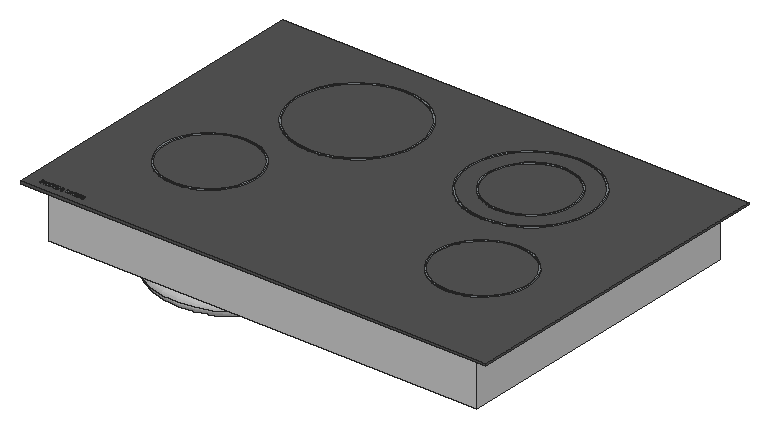
Revit family "FP_Revit_18_CE304DTB1_Cooktop_90000824A", category Specialty Equipment, Revit 2018
Family settings
  Round Connector Dimension = Use Diameter
  Part Type = Normal
  OmniClass Number = 23.40.40.14.17.11
  OmniClass Title = Cookers, Ovens, Stoves
  Work Plane-Based = No
  Always vertical = Yes
  Cut with Voids When Loaded = Yes
  Shared = No
  Room Calculation Point = No
Parameters
  Visibility - Clearance Required = yes
  URL = "www.fisherpaykel.com"
  Product - Width = 750 mm  # constant formula
  Product - Height = 115 mm  # constant formula
  Product - Depth = 530 mm  # constant formula
  Model = "CE304DTB1"
  Material - Graphics = Fisher & Paykel - Graphics Grey
  Material - Cooktop = Fisher & Paykel - Glass, Black
  Material - Body = Fisher & Paykel - Grey
  Manufacturer = "Fisher & Paykel Appliances"
  FFL Offset [instance] = 915 mm
  Description = "30\" Electric Cooktop"
  Connector Note - Electrical = "208 or 240 V, 60 Hz, 23 A or 26 A"
  Clearance - Side Combustible = 55 mm  # constant formula
  Clearance - Rear Combustible = 55 mm  # constant formula
  Clearance - Overhead Rangehood = 650 mm  # constant formula
  Clearance - Overhead Non-Combustible = 610 mm  # constant formula
  Clearance - Overhead Combustible = 762 mm  # constant formula
  Clearance - Below = 115 mm  # constant formula
  Chassis - Width = 689 mm  # constant formula
  Chassis - Height = 79.5 mm  # constant formula
  Chassis - Depth = 490 mm  # constant formula
  Cavity - Width = 700 mm  # constant formula
  Cavity - Height = 110 mm  # constant formula
  Cavity - Depth = 495 mm  # constant formula
Reference planes
  plane 1 "Datum": y = 0
  plane 2: z = 0
  plane 3 "Center (Left/Right)": x = 0
  plane 4 "Product LHS": x = -375
  plane 5 "Product RHS": x = 375
  plane 6 "Product - Depth": y = 530
  plane 7 "Cavity LHS": x = -350
  plane 8 "Cavity RHS": x = 350
  plane 9 "Chassis - Front": y = 20
  plane 10 "Cavity - Front": y = 17.5
  plane 11 "Cavity - Depth": y = 512.5
  plane 12 "Chassis - Depth": y = 510
  plane 13 "Glass": z = 920
  plane 14 "Basepan": z = 835.5
  plane 15 "Countertop": z = 915
Forms (mm)
  Extrusion 1, solid, material "Fisher & Paykel - Glass, Black" <- "Material - Cooktop"
    sketch origin (0, 0, 0) x (0, 1, 0) y (0, 0, 1)
      loop
        line (0, 920) -> (0, 916) -> (530, 916) -> (530, 920) -> (0, 920)
    from -375 to 375
  Extrusion 2, solid, material "Fisher & Paykel - Clearance Required (Cutout)", visible <- "Visibility - Clearance Required", detail levels coarse
    sketch origin (0, 0, 0) x (1, 0, 0) y (0, 1, 0)
      loop
        line (-350, 512.5) -> (-350, 17.5) -> (350, 17.5) -> (350, 512.5) -> (-350, 512.5)
    from 805 to 915
  Extrusion 3, solid, material "Fisher & Paykel - Clearance Required (Combustible)", visible <- "Visibility - Clearance Required", detail levels coarse
    sketch origin (0, 0, 0) x (1, 0, 0) y (0, 1, 0)
      loop
        line (375, 0) -> (405, 0) -> (405, 538.387) -> (-405, 538.387) -> (-405, 0) -> (-375, 0) -> (-375, 530) -> (375, 530) -> (375, 0)
    from 920 to 1375
  Extrusion 4, solid, material "Fisher & Paykel - Clearance Required (Non-Combustible)", visible <- "Visibility - Clearance Required", detail levels coarse
    sketch origin (0, 0, 0) x (1, 0, 0) y (0, 1, 0)
      loop
        line (-375, 0) -> (375, 0) -> (375, 530) -> (-375, 530) -> (-375, 0)
    from 920 to 1530
  Extrusion 5, solid, material "Fisher & Paykel - Clearance Required (Rangehood)", visible <- "Visibility - Clearance Required", detail levels coarse
    sketch origin (0, 0, 0) x (1, 0, 0) y (0, 1, 0)
      loop
        line (-375, 530) -> (-375, 0) -> (375, 0) -> (375, 530) -> (-375, 530)
    from 1530 to 1682
  Extrusion 6, solid, material "Fisher & Paykel - Grey" <- "Material - Body"
    sketch origin (0, 0, 0) x (0, 1, 0) y (0, 0, 1)
      loop
        line (20, 835.5) -> (510, 835.5) -> (510, 915) -> (20, 915) -> (20, 835.5)
    from -344.5 to 344.5
  Extrusion 7, solid, material "Fisher & Paykel - Grey" <- "Material - Body"
    sketch origin (0, 0, 0) x (1, 0, 0) y (0, 1, 0)
      loop
        line (-365.5, 524.5) -> (-365.5, 5.5) -> (365.5, 5.5) -> (365.5, 524.5) -> (-365.5, 524.5)
    from 915 to 916
  Extrusion 8, solid, material "Fisher & Paykel - Graphics Grey" <- "Material - Graphics", detail levels fine
    sketch origin (0, 0, 0) x (1, 0, 0) y (0, 1, 0)
      loop
        circle (-220, 188.052) r 71.497
      loop
        circle (-220, 188.052) r 73.279
      loop
        circle (-139.915, 385.033) r 96.508
      loop
        circle (-139.915, 385.033) r 98.272
      loop
        circle (139.869, 385.088) r 98.254
      loop
        circle (139.869, 385.088) r 96.496
      loop
        circle (139.869, 385.088) r 66.699
      loop
        circle (139.869, 385.088) r 68.176
      loop
        circle (219.908, 188.048) r 71.501
      loop
        circle (219.908, 188.048) r 73.194
    from 920 to 921
  Extrusion 9, solid, material "Fisher & Paykel - Clearance Required", detail levels coarse
    sketch origin (0, 0, 0) x (1, 0, 0) y (0, 1, 0)
      loop
        line (-350, 17.5) -> (350, 17.5) -> (350, 512.5) -> (-350, 512.5) -> (-350, 17.5)
    from 800 to 805
  Extrusion 10, void
    sketch origin (0, 0, 0) x (1, 0, 0) y (0, 1, 0)
      loop
        line (-350, 512.5) -> (-350, 17.5) -> (350, 17.5) -> (350, 512.5) -> (-350, 512.5)
    from 805 to 915
Text (mm)
  text "Due to ongoing product development, product details are subject to change without notice. \nPlease always refer to www.fisherpaykel.com for the most current product information. \n© Fisher & Paykel 2020" at (41.04, -387.478, 0), in view "Ref. Level (Plan)"
Dimensions and locks
  equal spacing: plane 4 "Product LHS", plane 3 "Center (Left/Right)", plane 5 "Product RHS"
  equal spacing: plane 7 "Cavity LHS", plane 3 "Center (Left/Right)", plane 8 "Cavity RHS"
  "Product - Depth": Extrusion 1 to plane 1 "Datum"
  equal spacing: Extrusion 6, plane 3 "Center (Left/Right)", Extrusion 6
  "Clearance - Side Combustible": plane 8 "Cavity RHS" to Extrusion 3
  "Clearance - Side Combustible": Extrusion 3 to plane 7 "Cavity LHS"
  equal spacing: Extrusion 7 sketch curve, plane 3 "Center (Left/Right)", Extrusion 7 sketch curve
  plane 4 "Product LHS" to Extrusion 7 sketch curve = 9.5 mm
  "Product - Width": plane 4 "Product LHS" to plane 5 "Product RHS"
  "Cavity - Width": plane 7 "Cavity LHS" to plane 8 "Cavity RHS"
  "Chassis - Width": Extrusion 6 to Extrusion 6
  plane 1 "Datum" to plane 9 "Chassis - Front" = 20 mm
  plane 6 "Product - Depth" to plane 12 "Chassis - Depth" = 20 mm
  "Cavity - Depth": plane 11 "Cavity - Depth" to plane 10 "Cavity - Front"
  "Chassis - Depth": plane 12 "Chassis - Depth" to plane 9 "Chassis - Front"
  locked: plane 10 "Cavity - Front" to plane 9 "Chassis - Front" at 2.5
  "Chassis - Height": plane 15 "Countertop" to plane 14 "Basepan"
  plane 13 "Glass" to plane 15 "Countertop" = 5 mm
  "FFL Offset": plane 15 "Countertop" to level
  locked: Extrusion 3 to plane 13 "Glass" at 455
  "Clearance - Overhead Non-Combustible": Extrusion 5 to plane 13 "Glass"
  "Clearance - Overhead Combustible": Extrusion 5 to plane 13 "Glass"
  locked: nested 2 to plane 14 "Basepan" at 1.496
  locked: plane 13 "Glass" to Extrusion 1 sketch curve at 4
  "Cavity - Height": plane 15 "Countertop" to Extrusion 9
  "Clearance - Below": plane 15 "Countertop" to Extrusion 9
  locked: Extrusion 8 to Extrusion 3 at 1
  locked: nested 1 to plane 13 "Glass" at 0.8
  aligned and locked: level to plane 2
  aligned and locked: Extrusion 1 to plane 5 "Product RHS"
  aligned and locked: plane 4 "Product LHS" to Extrusion 1
  aligned and locked: Extrusion 5 to Extrusion 4
  aligned and locked: Extrusion 3 sketch curve to plane 5 "Product RHS"
  aligned and locked: plane 11 "Cavity - Depth" to Extrusion 2
  aligned and locked: Extrusion 3 to plane 13 "Glass"
  aligned and locked: Extrusion 4 to Extrusion 3
  aligned and locked: Extrusion 1 sketch curve to plane 13 "Glass"
  aligned and locked: Extrusion 7 to Extrusion 1
  aligned and locked: Extrusion 7 to plane 15 "Countertop"
  aligned and locked: plane 15 "Countertop" to Extrusion 6 sketch curve
  aligned and locked: Extrusion 6 sketch curve to plane 14 "Basepan"
  aligned and locked: Extrusion 2 to Extrusion 6
  aligned and locked: Extrusion 9 to Extrusion 2
  aligned and locked: Extrusion 8 to Extrusion 1
  aligned and locked: Extrusion 10 to Extrusion 2  (x2)
Automatic sketch dimensions
  Extrusion 1 sketch curve to plane 1 "Datum" = 0 mm
  Extrusion 1 sketch curve to plane 6 "Product - Depth" = 0 mm
  plane 10 "Cavity - Front" to Extrusion 2 sketch curve = 0 mm
  Extrusion 2 sketch curve to plane 11 "Cavity - Depth" = 0 mm
  plane 7 "Cavity LHS" to Extrusion 2 sketch curve = 0 mm
  Extrusion 2 sketch curve to plane 8 "Cavity RHS" = 0 mm
  plane 1 "Datum" to Extrusion 3 sketch curve = 0 mm  (x2)
  Extrusion 3 sketch curve to plane 4 "Product LHS" = 0 mm
  Extrusion 3 sketch curve to plane 6 "Product - Depth" = 0 mm
  plane 6 "Product - Depth" to Extrusion 3 sketch curve = 8.387 mm
  plane 4 "Product LHS" to Extrusion 3 sketch curve = 30 mm
  Extrusion 3 sketch curve to plane 5 "Product RHS" = 30 mm
  Extrusion 4 sketch curve to plane 4 "Product LHS" = 0 mm
  Extrusion 4 sketch curve to plane 5 "Product RHS" = 0 mm
  plane 1 "Datum" to Extrusion 4 sketch curve = 0 mm
  Extrusion 4 sketch curve to plane 6 "Product - Depth" = 0 mm
  plane 1 "Datum" to Extrusion 5 sketch curve = 0 mm
  Extrusion 5 sketch curve to plane 4 "Product LHS" = 0 mm
  Extrusion 5 sketch curve to plane 5 "Product RHS" = 0 mm
  Extrusion 5 sketch curve to plane 6 "Product - Depth" = 0 mm
  Extrusion 6 sketch curve to plane 9 "Chassis - Front" = 0 mm
  Extrusion 6 sketch curve to plane 12 "Chassis - Depth" = 0 mm
  Extrusion 7 sketch curve to plane 1 "Datum" = 5.5 mm
  Extrusion 7 sketch curve to plane 6 "Product - Depth" = 5.5 mm
  Extrusion 8 sketch curve to Extrusion 8 sketch curve = 0 mm  (x18)
  Extrusion 8 sketch curve to plane 7 "Cavity LHS" = 130 mm
  Extrusion 8 sketch curve to plane 3 "Center (Left/Right)" = 139.915 mm
  plane 3 "Center (Left/Right)" to Extrusion 8 sketch curve = 139.869 mm
  plane 8 "Cavity RHS" to Extrusion 8 sketch curve = 130.092 mm
  Extrusion 8 sketch curve to plane 9 "Chassis - Front" = 168.048 mm
  Extrusion 8 sketch curve to plane 9 "Chassis - Front" = 168.052 mm
  Extrusion 8 sketch curve to plane 12 "Chassis - Depth" = 124.967 mm
  Extrusion 8 sketch curve to plane 12 "Chassis - Depth" = 124.912 mm
  Extrusion 9 sketch curve to plane 11 "Cavity - Depth" = 0 mm
  plane 10 "Cavity - Front" to Extrusion 9 sketch curve = 0 mm
  plane 7 "Cavity LHS" to Extrusion 9 sketch curve = 0 mm
  Extrusion 9 sketch curve to plane 8 "Cavity RHS" = 0 mm
  plane 10 "Cavity - Front" to Extrusion 10 sketch curve = 0 mm
  Extrusion 10 sketch curve to plane 11 "Cavity - Depth" = 0 mm
  plane 7 "Cavity LHS" to Extrusion 10 sketch curve = 0 mm
  Extrusion 10 sketch curve to plane 8 "Cavity RHS" = 0 mm
  radius of Extrusion 8 sketch curve = 71.497 mm
  radius of Extrusion 8 sketch curve = 73.279 mm
  radius of Extrusion 8 sketch curve = 96.508 mm
  radius of Extrusion 8 sketch curve = 98.272 mm
  radius of Extrusion 8 sketch curve = 98.254 mm
  radius of Extrusion 8 sketch curve = 96.496 mm
  radius of Extrusion 8 sketch curve = 66.699 mm
  radius of Extrusion 8 sketch curve = 68.176 mm
  radius of Extrusion 8 sketch curve = 71.501 mm
  radius of Extrusion 8 sketch curve = 73.194 mm
Nested families
  nested 1: "F&P Logo 70mm Horizontal" at (-319.001, 14.253, 920), type "F&P Logo 70mm Horizontal"
  nested 2: "F&P Power Connection Cooktop" at (5.4, 450, 898.996) x (0.7193, 0.6947, 0) z (0, 0, 1), type "F&P Power Connection Cooktop"
Connectors
  electrical at (24.614, 372.521, 816.796), driven by "Connector Note - Electrical"
    settings: on nested 2, index 2, voltage 120 V, apparent load 0 VA, apparent load phase1 0 VA, apparent load phase2 0 VA, apparent load phase3 0 VA, power factor 1, load classification "Other", number of poles 2, system type 30, power factor state 1, is connector primary yes, connector utility no, sub classification motor no, connector description "208 or 240 V, 60 Hz, 23 A or 26 A"
Definition of nested family "F&P Logo 70mm Horizontal"
  Parameters (values of type "F&P Logo 70mm Horizontal")
    URL = "www.fisherpaykel.com"
    Material - Logo = none
    Manufacturer = "Fisher & Paykel Appliances"
  Reference planes
    plane 1 "Center (Front/Back)": y = 0
    plane 2: z = 0
    plane 3 "Center (Left/Right)": x = 0
  Forms (mm)
    Extrusion 1, solid, material <- "Material - Logo", detail levels fine
      sketch origin (0, 0, 0) x (1, 0, 0) y (0, 1, 0)
        loop
          line (-34.997, -0.356) -> (-33.895, -0.356) -> (-33.895, 1.141) -> (-32.174, 1.141) -> (-32.174, 2.075) -> (-33.895, 2.075) -> (-33.895, 2.943) -> (-32.023, 2.943) -> (-32.023, 3.872) -> (-34.997, 3.872) -> (-34.997, -0.356)
        loop
          line (-29.929, 3.872) -> (-29.929, -0.356) -> (-28.828, -0.356) -> (-28.828, 3.872) -> (-29.929, 3.872)
        loop
          line (-21.473, 3.872) -> (-21.473, -0.356) -> (-20.372, -0.356) -> (-20.372, 1.338) -> (-18.754, 1.338) -> (-18.754, -0.356) -> (-17.652, -0.356) -> (-17.652, 3.872) -> (-18.754, 3.872) -> (-18.754, 2.268) -> (-20.372, 2.268) -> (-20.372, 3.872) -> (-21.473, 3.872)
        loop
          line (-15.301, 3.872) -> (-15.301, -0.356) -> (-12.288, -0.356) -> (-12.288, 0.444) -> (-14.209, 0.444) -> (-14.209, 1.338) -> (-12.453, 1.338) -> (-12.453, 2.268) -> (-14.209, 2.268) -> (-14.209, 3.072) -> (-12.288, 3.072) -> (-12.288, 3.872) -> (-15.301, 3.872)
        loop
          line (32, 3.872) -> (32, -0.356) -> (35.003, -0.356) -> (35.003, 0.574) -> (33.102, 0.574) -> (33.102, 3.872) -> (32, 3.872)
        loop
          line (29.735, 3.872) -> (26.712, 3.872) -> (26.712, -0.356) -> (29.735, -0.356) -> (29.735, 0.444) -> (27.814, 0.444) -> (27.814, 1.338) -> (29.57, 1.338) -> (29.57, 2.268) -> (27.814, 2.268) -> (27.814, 3.072) -> (29.735, 3.072) -> (29.735, 3.872)
        loop
          line (23.449, 1.848) -> (25.012, 3.872) -> (23.724, 3.872) -> (22.374, 2.124) -> (22.374, 3.872) -> (21.273, 3.872) -> (21.273, -0.356) -> (22.374, -0.356) -> (22.374, 1.538) -> (23.765, -0.356) -> (25.067, -0.356) -> (23.449, 1.848)
        loop
          line (15.42, 3.872) -> (17.017, 1.338) -> (17.017, -0.356) -> (18.119, -0.356) -> (18.119, 1.283) -> (19.717, 3.872) -> (18.546, 3.872) -> (17.603, 2.239) -> (16.66, 3.872) -> (15.42, 3.872)
        loop
          line (12.969, 3.872) -> (11.922, 3.872) -> (10.2, -0.356) -> (11.282, -0.356) -> (11.585, 0.422) -> (13.278, 0.422) -> (13.581, -0.356) -> (14.69, -0.356) -> (12.969, 3.872)
        loop
          line (12.913, 1.352) -> (12.419, 2.566) -> (11.946, 1.352) -> (12.913, 1.352)
        loop
          line (5.556, 3.872) -> (5.556, -0.356) -> (6.653, -0.356) -> (6.653, 1.001) -> (7.453, 1.001)
          spline (7.453, 1.001) -> (7.884, 1.05) -> (8.285, 1.193) -> (8.63, 1.421) -> (8.895, 1.719) -> (9.061, 2.065) -> (9.118, 2.436) -> (9.061, 2.808) -> (8.895, 3.154) -> (8.63, 3.452) -> (8.285, 3.68) -> (7.884, 3.823) -> (7.453, 3.872)
          line (7.453, 3.872) -> (5.556, 3.872)
        loop
          spline (7.385, 1.882) -> (7.558, 1.9) -> (7.72, 1.953) -> (7.858, 2.037) -> (7.965, 2.147) -> (8.032, 2.275) -> (8.055, 2.412) -> (8.032, 2.55) -> (7.965, 2.677) -> (7.858, 2.787) -> (7.72, 2.872) -> (7.558, 2.924) -> (7.385, 2.943)
          line (7.385, 2.943) -> (6.585, 2.943) -> (6.585, 1.882) -> (7.385, 1.882)
        loop
          line (-8.294, 2.943) -> (-9.094, 2.943) -> (-9.094, 1.781) -> (-8.294, 1.781)
          spline (-8.294, 1.781) -> (-8.121, 1.801) -> (-7.96, 1.859) -> (-7.822, 1.951) -> (-7.716, 2.072) -> (-7.649, 2.212) -> (-7.626, 2.362) -> (-7.649, 2.512) -> (-7.716, 2.652) -> (-7.822, 2.772) -> (-7.96, 2.865) -> (-8.121, 2.923) -> (-8.294, 2.943)
        loop
          line (-8.214, 3.872) -> (-10.262, 3.872) -> (-10.262, -0.356) -> (-9.094, -0.356) -> (-9.094, 0.492) -> (-8.294, 0.492) -> (-7.647, -0.356) -> (-6.373, -0.356) -> (-7.445, 1.016)
          spline (-7.445, 1.016) -> (-7.148, 1.205) -> (-6.902, 1.45) -> (-6.72, 1.739) -> (-6.611, 2.058) -> (-6.58, 2.391) -> (-6.628, 2.723) -> (-6.754, 3.037) -> (-6.95, 3.317) -> (-7.208, 3.551) -> (-7.515, 3.726) -> (-7.856, 3.835) -> (-8.214, 3.872)
        loop
          line (0.368, 2.943) -> (0.368, 3.951) -> (-2.559, 3.951) -> (-2.559, 3.151) -> (-2.048, 2.522)
          spline (-2.048, 2.522) -> (-2.373, 2.187) -> (-2.606, 1.789) -> (-2.731, 1.355) -> (-2.74, 0.914) -> (-2.632, 0.497) -> (-2.414, 0.133) -> (-2.102, -0.155) -> (-1.716, -0.347) -> (-1.283, -0.429) -> (-0.832, -0.395) -> (-0.395, -0.249) -> (0, 0)
          line (0, 0) -> (0.504, -0.621) -> (1.644, -0.621) -> (0.602, 0.712) -> (1.591, 2.137) -> (0.459, 2.137) -> (0.003, 1.48) -> (-1.14, 2.943) -> (0.368, 2.943)
        loop
          spline (-1.353, 1.874) -> (-1.563, 1.673) -> (-1.729, 1.449) -> (-1.839, 1.217) -> (-1.886, 0.992) -> (-1.867, 0.792) -> (-1.783, 0.627) -> (-1.639, 0.511) -> (-1.447, 0.451) -> (-1.218, 0.451) -> (-0.968, 0.512) -> (-0.714, 0.628) -> (-0.475, 0.792)
          line (-0.475, 0.792) -> (-1.353, 1.874)
        loop
          arc (-25.449, 3.004) -> (-24.591, 2.949) -> (-23.808, 2.592) r 2.379
          line (-23.808, 2.592) -> (-23.808, 3.586)
          arc (-23.808, 3.586) -> (-24.619, 3.915) -> (-25.494, 3.936) r 2.437
          arc (-25.494, 3.936) -> (-26.617, 2.99) -> (-26.18, 1.588) r 1.327
          arc (-26.18, 1.588) -> (-25.746, 1.367) -> (-25.276, 1.236) r 2.46
          spline (-25.276, 1.236) -> (-25.124, 1.211) -> (-24.98, 1.158) -> (-24.856, 1.083) -> (-24.761, 0.989) -> (-24.703, 0.886) -> (-24.686, 0.78) -> (-24.713, 0.681) -> (-24.78, 0.596) -> (-24.882, 0.532) -> (-25.011, 0.494) -> (-25.158, 0.485) -> (-25.311, 0.505)
          arc (-25.311, 0.505) -> (-26.045, 0.647) -> (-26.714, 0.98) r 2.761
          line (-26.714, 0.98) -> (-26.714, -0.067)
          arc (-26.714, -0.067) -> (-25.66, -0.377) -> (-24.564, -0.318) r 3.237
          arc (-24.564, -0.318) -> (-23.597, 0.72) -> (-24.205, 2.002) r 1.263
          arc (-24.205, 2.002) -> (-24.834, 2.249) -> (-25.488, 2.42) r 5.78
          spline (-25.488, 2.42) -> (-25.537, 2.449) -> (-25.58, 2.49) -> (-25.615, 2.541) -> (-25.639, 2.6) -> (-25.653, 2.664) -> (-25.654, 2.73) -> (-25.644, 2.795) -> (-25.622, 2.856) -> (-25.59, 2.909) -> (-25.549, 2.953) -> (-25.502, 2.985) -> (-25.449, 3.004)
      from 0 to 0.8
  Dimensions and locks
    Extrusion 1 sketch curve to Extrusion 1 sketch curve = 70 mm
    aligned and locked: level to plane 2
Definition of nested family "F&P Power Connection Cooktop"
  Parameters (values of type "F&P Power Connection Cooktop")
    URL = "www.fisherpaykel.com"
    Model = ""
    Material - Body = none
    Manufacturer = "Fisher & Paykel Appliances"
    Description = ""
  Reference planes
    plane 1 "Center (Front/Back)": y = 0
    plane 2: z = 0
    plane 3 "Center (Left/Right)": x = 0
  Forms (mm)
    Extrusion 1, solid, material <- "Material - Body"
      sketch origin (-399.3, -461.987, 0) x (1, 0, 0) y (0, 1, 0)
        loop
          line (371.3, 470.923) -> (371.3, 477.382)
          arc (371.3, 477.382) -> (365.3, 483.382) -> (359.3, 477.382) r 6
          line (359.3, 477.382) -> (359.3, 470.923) -> (371.3, 470.923)
        loop
          circle (365.3, 477.382) r 2
        loop
          line (371.3, 453.05) -> (359.3, 453.05) -> (359.3, 446.592)
          arc (359.3, 446.592) -> (365.3, 440.592) -> (371.3, 446.592) r 6
          line (371.3, 446.592) -> (371.3, 453.05)
        loop
          circle (365.3, 446.592) r 2
      from -85 to -75
    Revolve 2, solid, material <- "Material - Body"
      sketch origin (-399.3, 0, 0) x (1, 0, 0) y (0, 0, 1)
        loop
          line (359.3, -70.404) -> (359.3, -82.2) -> (411.196, -82.2)
          arc (411.196, -82.2) -> (407.741, -73.859) -> (399.4, -70.404) r 11.796
          line (399.4, -70.404) -> (359.3, -70.404)
        axis (359.3, -82.2) -> (411.196, -82.2)
      angle from 0 to 360
    Revolve 3, solid, material <- "Material - Body"
      sketch origin (-399.3, 0, 0) x (1, 0, 0) y (0, 0, 1)
        loop
          line (410.3, -62) -> (399.3, -62) -> (399.3, -82.2) -> (410.3, -82.2) -> (410.3, -62)
        axis (399.3, -62) -> (399.3, -82.2)
      angle from 0 to 360
    Sweep 4, solid, material <- "Material - Body"
      path origin (-399.3, -461.987, 0) x (1, 0, 0) y (0, 1, 0)
        loop
          line (359.3, 392.906) -> (280.841, 392.906)
          arc (280.841, 392.906) -> (222.158, 372.738) -> (188.271, 320.757) r 95.459
          arc (188.271, 320.757) -> (14.034, 258.449) -> (22.747, 443.286) r 111.355
          arc (22.747, 443.286) -> (55.057, 457.224) -> (89.922, 461.987) r 130
          line (89.922, 461.987) -> (359.3, 461.987)
      profile origin (-174.689, 0, 0) x (0, 1, 0) y (0, 0, 1)
        loop
          circle (0, -82.2) r 11
    Extrusion 5, solid, material <- "Material - Body", detail levels medium+fine
      sketch origin (-170.063, -461.987, 0) x (0, 1, 0) y (0, 0, 1)
        loop
          circle (392.954, -77.981) r 3
        loop
          circle (388.579, -82.669) r 3
        loop
          circle (397.329, -82.669) r 3
        loop
          circle (392.954, -87.356) r 3
      from 160 to 130.063
  Cuts and joins
    joined: Extrusion 1, Revolve 2, Revolve 3
  Text (mm)
    text "Due to ongoing product development, product details are subject to change without notice. \nPlease always refer to www.fisherpaykel.com for the most current product information. \n© Fisher & Paykel 2020" at (41.04, -387.478, 0), in view "Ref. Level (Plan)"
  Dimensions and locks
    aligned and locked: level to plane 2
